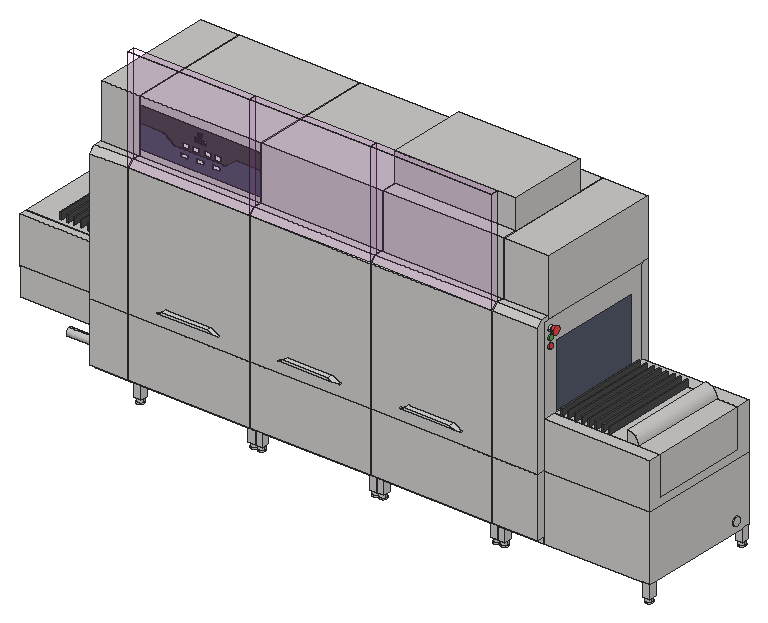
Revit family "QF_ELECTROLUXPROFESSIONAL_520702_EFTD052EL1U1D1M5R385", category Attrezzature speciali, Revit 2020
Family settings
  Quota connettore circolare = Usa diametro
  Tipo di parte = Normale
  Basato su piano di lavoro = No
  Sempre verticale = Sì
  Taglio con vuoti quando caricato = No
  Condiviso = No
  Punto di calcolo locali = No
Parameters (values of type "Standard")
  Weight = 865.00 kg
  Watts = 46500 W
  Volts = 380 V
  URL Manufacturer = "https://www.electroluxprofessional.com/"
  URL = "https://www.electroluxprofessional.com/"
  Steam Supply Size = 0 mm
  Steam Supply Minimum Pressure = 0.0 Pa
  Steam Supply Maximum Pressure = 0.0 Pa
  Steam Consumption per Hour = 0
  Show Logo [instance] = yes
  Show Clearance [instance] = yes
  Refrigeration Suction Line Size = 0 mm
  Refrigeration Liquid Line Size = 0 mm
  Refrigerant Compressor Remote = yes
  Prospetto di default = 0 mm
  Produttore = "Electrolux Professional"
  Phase = 3
  Modello = "EFTD052EL1U1D1M5R385"
  Length Actual = 4150 mm  # constant formula
  Item Number = "520702"
  Hot Water Size = 0 mm
  Height Actual = 1983 mm  # constant formula
  HP = "62.4 HP"
  Gas Size = 0 mm
  Gas KW = 0
  Gas Input Pressure = 0 W
  Direct Waste Size = 50.8 mm
  Descrizione = "FT, 1Tank, 5200D/H, El., 750mm loading, 1000mm unloading, 1Dryer, 55mm conveyor,R>L,380V50Hz3P"
  Depth Actual = 946 mm  # constant formula
  Cycle = 50 Hz
  Condensate Return Size = 0 mm
  Compressed Air Volume = 0.0 L/s
  Compressed Air Size = 0 mm
  Compressed Air Pressure = 0.0 Pa
  Cold Water Size = 0 mm
  Accessory = yes
Reference planes
  plane 1 "Centro (Fronte/Retro)": y = 0
  plane 2: z = 0
  plane 3 "Centro (Sinistra/Destra)": x = 0
  plane 4: z = 115
Forms (mm)
  Extrusion 1, solid, material "QF_Finishes_Stainless Steel"
    sketch origin (432.404, 2, 1806.023) x (1, 0, 0) y (0, 0, 1)
      loop
        line (407.596, -163.023) -> (407.596, -183.023) -> (427.596, -183.023) -> (427.596, -163.023) -> (407.596, -163.023)
    from 0 to 2
  Extrusion 2, solid, material "QF_Finishes_Stainless Steel"
    sketch origin (4155.617, -934.464, 1290.159) x (0, 0, -1) y (0, -1, 0)
      loop
        circle (1102.159, -772.464) r 25
    from -9.383 to 5.617
  Extrusion 3, solid, material "QF_Finishes_Stainless Steel"
    sketch origin (1092.404, 2, 337.984) x (1, 0, 0) y (0, 0, 1)
      loop
        line (407.596, -163.023) -> (407.596, -183.023) -> (427.596, -183.023) -> (427.596, -163.023) -> (407.596, -163.023)
    from 0 to 2
  Extrusion 4, solid, material "QF_Finishes_Stainless Steel"
    sketch origin (1526.841, 200.464, 109.383) x (1, 0, 0) y (0, 1, 0)
      loop
        circle (1102.159, -772.464) r 10
    from -9.383 to 5.617
  Extrusion 5, solid, material "QF_Finishes_Stainless Steel"
    sketch origin (244.383, 22.464, 1290.159) x (0, 0, -1) y (0, 1, 0)
      loop
        circle (1102.159, -772.464) r 25
    from -9.383 to 255.617
  Extrusion 6, solid, material "QF_Finishes_Stainless Steel"
    sketch origin (1597.841, 200.464, 109.383) x (1, 0, 0) y (0, 1, 0)
      loop
        circle (1102.159, -772.464) r 10
    from -9.383 to 5.617
Dimensions and locks
  plane 4 to level = 115 mm
  aligned and locked: level to plane 2
Nested families
  nested 1: "MODULO_CENTER_800_FAN" at (2733.563, -388.258, 0), Show Clearance <- "Show Clearance", type "MODULO_CENTER_800_FAN"
    with Show Logo yes, Show Clearance yes, R_L no, L_R yes
  nested 2: "MODULO_CENTER_800" at (1133.563, -388.258, 0), Show Clearance <- "Show Clearance", type "MODULO_CENTER_800"
    with Show Logo yes, Show Clearance yes, R_L no, L_R yes
  nested 3: "MODULO_ENTRY_DISH_750" at (358.563, -388.258, 0), type "MODULO_ENTRY_DISH_750"
    with Show Logo yes, Show Clearance yes, R_L no, L_R yes
  nested 4: "MODULO_USCITA_DISH_1000" at (3508.563, -388.258, 0), type "MODULO_USCITA_DISH_1000"
    with Show Logo yes, Show Clearance yes, R_L yes, L_R no
  nested 5: "Piedino_Square_115H" at (4126.5, -73.5, 0) x (-1, 0, 0) z (0, 0, 1), type "Piedino_Square_115H"
  nested 6: "Piedino_Square_115H" at (4126.5, -838.5, 0) x (-1, 0, 0) z (0, 0, 1), type "Piedino_Square_115H"
  nested 7: "Piedino_Square_115H" at (3173.5, -73.5, 0) x (-1, 0, 0) z (0, 0, 1), type "Piedino_Square_115H"
  nested 8: "Piedino_Square_115H" at (3173.5, -838.5, 0) x (-1, 0, 0) z (0, 0, 1), type "Piedino_Square_115H"
  nested 9: "Piedino_Square_115H" at (1573.5, -838.5, 0), type "Piedino_Square_115H"
  nested 10: "Piedino_Square_115H" at (1573.5, -73.5, 0), type "Piedino_Square_115H"
  nested 11: "Piedino_Square_115H" at (2326.5, -838.5, 0), type "Piedino_Square_115H"
  nested 12: "Piedino_Square_115H" at (2326.5, -73.5, 0), type "Piedino_Square_115H"
  nested 13: "Piedino_Square_115H" at (2373.5, -838.5, 0) x (-1, 0, 0) z (0, 0, 1), type "Piedino_Square_115H"
  nested 14: "Piedino_Square_115H" at (2373.5, -73.5, 0) x (-1, 0, 0) z (0, 0, 1), type "Piedino_Square_115H"
  nested 15: "Piedino_Square_115H" at (3126.5, -838.5, 0) x (-1, 0, 0) z (0, 0, 1), type "Piedino_Square_115H"
  nested 16: "Piedino_Square_115H" at (3126.5, -73.5, 0) x (-1, 0, 0) z (0, 0, 1), type "Piedino_Square_115H"
  nested 17: "Piedino_Square_115H" at (773.5, -838.5, 0), type "Piedino_Square_115H"
  nested 18: "Piedino_Square_115H" at (773.5, -73.5, 0), type "Piedino_Square_115H"
  nested 19: "Piedino_Square_115H" at (1526.5, -838.5, 0), type "Piedino_Square_115H"
  nested 20: "Piedino_Square_115H" at (1526.5, -73.5, 0), type "Piedino_Square_115H"
  nested 21: "MANIGLIA_FLIGHT_400" at (1150, -912, 639.28) x (1, 0, 0) z (0, -1, 0), type "MANIGLIA_FLIGHT_400"
  nested 22: "MANIGLIA_FLIGHT_400" at (2750, -912, 639.28) x (1, 0, 0) z (0, -1, 0), type "MANIGLIA_FLIGHT_400"
  nested 23: "MANIGLIA_FLIGHT_400" at (1950, -912, 639.28) x (1, 0, 0) z (0, -1, 0), type "MANIGLIA_FLIGHT_400"
  nested 24: "MODULO_CENTER_800" at (1966.437, -388.258, 0) x (-1, 0, 0) z (0, 0, 1), Show Clearance <- "Show Clearance", type "MODULO_CENTER_800"
    with Show Logo yes, Show Clearance yes, R_L no, L_R yes
  nested 25: "Schermo_Flight_800" at (1150, -815, 1583) x (1, 0, 0) z (0, -1, 0), type "Schermo_Flight_800"
  nested 26: "ELX_LOGO_WORDS_WHITE" at (1150, -816.6, 1663) x (1, 0, 0) z (0, -1, 0), Show Logo <- "Show Logo", visible <- "Show Logo", type "ELX_LOGO_WORDS_WHITE"
    with Show Logo yes
  nested 27: "ELX_LOGO_MONO_SMALL_WHITE" at (1140.08, -816.6, 1649) x (-1, 0, 0) z (0, -1, 0), Show Logo <- "Show Logo", visible <- "Show Logo", type "ELX_LOGO_MONO_SMALL_WHITE"
    with Show Logo yes
Connectors
  electrical at (850, 2, 1633)
    settings: on Extrusion 1, index 69, voltage 0 V, apparent load 0 VA, apparent load phase1 0 VA, apparent load phase2 0 VA, apparent load phase3 0 VA, power factor 1, load classification "Altro", number of poles 1, system type 30, power factor state 1, is connector primary yes, connector utility no, sub classification motor no, connector description "EI"
  piping at (4165, -162, 188), diameter 50
    settings: on Extrusion 2, index 70, connector inside diameter 609.6 mm, connector length 0 mm, flow factor 0, pipe flow 0.0 L/s, pressure drop 0.0 Pa, fitting loss kfactor 0, connector angle 0.00°, fixture units 0, engagement length 0 mm, angle of deflection 0.00°, flow configuration 0, flow direction 0, fitting loss method 0, system type 29, joint type 0, gender type 0, connector reference index -1, connector utility 0, adjustable connector no, is connector primary yes, connector description "D"
  electrical at (1510, 2, 164.961)
    settings: on Extrusion 3, index 71, voltage 0 V, apparent load 0 VA, apparent load phase1 0 VA, apparent load phase2 0 VA, apparent load phase3 0 VA, power factor 1, load classification "Altro", number of poles 1, system type 30, power factor state 1, is connector primary no, connector utility no, sub classification motor no, connector description "EQ"
  piping at (2629, -572, 100), diameter 19.1
    settings: on Extrusion 4, index 72, connector inside diameter 609.6 mm, connector length 0 mm, flow factor 0, pipe flow 0.0 L/s, pressure drop 0.0 Pa, fitting loss kfactor 0, connector angle 0.00°, fixture units 0, engagement length 0 mm, angle of deflection 0.00°, flow configuration 0, flow direction 0, fitting loss method 0, system type 29, joint type 0, gender type 0, connector reference index -1, connector utility 0, adjustable connector no, is connector primary no, connector description "HWI/CWI"
  piping at (235, -750, 188), diameter 50
    settings: on Extrusion 5, index 73, connector inside diameter 609.6 mm, connector length 0 mm, flow factor 0, pipe flow 0.0 L/s, pressure drop 0.0 Pa, fitting loss kfactor 0, connector angle 0.00°, fixture units 0, engagement length 0 mm, angle of deflection 0.00°, flow configuration 0, flow direction 0, fitting loss method 0, system type 29, joint type 0, gender type 0, connector reference index -1, connector utility 0, adjustable connector no, is connector primary no, connector description "D"
  piping at (2700, -572, 100), diameter 19.1
    settings: on Extrusion 6, index 74, connector inside diameter 609.6 mm, connector length 0 mm, flow factor 0, pipe flow 0.0 L/s, pressure drop 0.0 Pa, fitting loss kfactor 0, connector angle 0.00°, fixture units 0, engagement length 0 mm, angle of deflection 0.00°, flow configuration 0, flow direction 0, fitting loss method 0, system type 29, joint type 0, gender type 0, connector reference index -1, connector utility 0, adjustable connector no, is connector primary no, connector description "HWI/CWI"
Definition of nested family "MODULO_CENTER_800_FAN"
  Parameters (values of type "MODULO_CENTER_800_FAN")
    URL = "http://professional.electrolux.com"
    Show Logo [instance] = yes
    R_L [instance] = not(L_R)  # no
    Default Elevation = 0 mm
    Manufacturer = "Electrolux"
    Model = "ESR10E5"
    Length Actual = 800 mm
    Show Clearance [instance] = yes
    L_R [instance] = yes
    Height Actual = 1792 mm
    Description = "SINGLE RINSE RT, 100R/H, ELECTRIC 50HZ"
    Depth Actual = 912 mm
  Reference planes
    plane 1 "Center X": y = -67.742
    plane 2: z = 0
    plane 3 "LEFT": x = -383.563
    plane 4 "RIGHT": x = 416.437
    plane 5 "BACK": y = 388.258
    plane 6 "FEET": z = 115
    plane 7: z = 2092
    plane 8 "TOP": z = 1792
    plane 9 "FRONT": y = -523.742
    plane 10 "Left/Right": x = 16.437
    plane 11 "TopVent": z = 1983
  Forms (mm)
    Extrusion 1, solid
      sketch origin (416.437, 479.936, 4000) x (0, 1, 0) y (0, 0, 1)
        loop
          line (-91.678, -2208) -> (-906.678, -2208) -> (-906.678, -2580) -> (-91.678, -2580) -> (-91.678, -2208)
      from -800 to 0
    Extrusion 2, solid
      sketch origin (-383.563, 437.565, 3910) x (0, 1, 0) y (0, 0, 1)
        loop
          line (-99.307, -2490) -> (-911.307, -2490) -> (-911.307, -3552) -> (-99.307, -3552) -> (-99.307, -2490)
      from 800 to 0
    Extrusion 3, solid
      sketch origin (416.437, 479.936, 4299) x (0, 1, 0) y (0, 0, 1)
        loop
          line (-278.21, -2316) -> (-803.678, -2316) -> (-803.678, -2507) -> (-278.21, -2507) -> (-278.21, -2316)
      from -800 to 0
    Extrusion 4, solid
      sketch origin (16.437, 0, 1.5) x (0, 0, 1) y (0, -1, 0)
        loop
          line (356.5, -338.258) -> (356.5, 473.742) -> (113.5, 473.742) -> (113.5, -338.258) -> (356.5, -338.258)
      from 400 to -400
    Extrusion 5, solid
      sketch origin (16.437, 0, 0) x (0, 0, 1) y (0, -1, 0)
        loop
          line (1420, -338.258) -> (545, -338.258) -> (545, -388.258) -> (1420, -388.258) -> (1420, -338.258)
      from -400 to 400
    Extrusion 6, solid
      sketch origin (16.437, 0, 0) x (0, 0, 1) y (0, -1, 0)
        loop
          line (545, -388.258) -> (545, -338.258) -> (154, -338.258) -> (154, -388.258) -> (545, -388.258)
      from -400 to 400
    Extrusion 7, solid
      sketch origin (16.437, -882.484, -150) x (0, -1, 0) y (0, 0, 1)
        loop
          line (-358.742, 304) -> (-358.742, 695) -> (-408.742, 695) -> (-408.742, 304) -> (-358.742, 304)
      from -400 to 400
    Extrusion 8, solid
      sketch origin (16.437, -882.484, -151) x (0, -1, 0) y (0, 0, 1)
        loop
          line (-408.742, 1571) -> (-408.742, 696) -> (-358.742, 696) -> (-358.742, 1556) -> (-395.742, 1593) -> (-443.742, 1593) -> (-443.742, 1571) -> (-408.742, 1571)
      from -400 to 400
    Extrusion 9, solid, visible <- "Show Clearance"
      sketch origin (16.437, -882.484, 452) x (0, -1, 0) y (0, 0, 1)
        loop
          line (-408.742, 1640) -> (-408.742, 953.624) -> (-358.742, 953.624) -> (-358.742, 1640) -> (-408.742, 1640)
      from -400 to 400
  Dimensions and locks
    plane 3 "LEFT" to plane 4 "RIGHT" = 800 mm
    plane 5 "BACK" to plane 1 "Center X" to plane 9 "FRONT" = 456 mm, 456 mm
    plane 6 "FEET" to level = 115 mm  (x2)
    plane 6 "FEET" to plane 8 "TOP" = 1677 mm
    plane 5 "BACK" to plane 9 "FRONT" = 912 mm  (x2)
    plane 4 "RIGHT" to plane 3 "LEFT" = 800 mm
    plane 9 "FRONT" to plane 5 "BACK" = 912 mm
    level to plane 8 "TOP" = 1792 mm  (x2)
    plane 7 to level = 2092 mm
    plane 11 "TopVent" to plane 2 = 1983 mm
    plane 7 to plane 2 = 2092 mm
    Extrusion 2 to level = 1420 mm
    Extrusion 8 to level = 1442 mm
    plane 11 "TopVent" to level = 1983 mm
    aligned and locked: level to plane 2
Definition of nested family "MODULO_CENTER_800"
  Parameters (values of type "MODULO_CENTER_800")
    URL = "http://professional.electrolux.com"
    Show Logo [instance] = yes
    R_L [instance] = not(L_R)  # no
    Default Elevation = 0 mm
    Manufacturer = "Electrolux"
    Model = "ESR10E5"
    Length Actual = 800 mm
    Show Clearance [instance] = yes
    L_R [instance] = yes
    Height Actual = 1792 mm
    Description = "SINGLE RINSE RT, 100R/H, ELECTRIC 50HZ"
    Depth Actual = 912 mm
  Reference planes
    plane 1 "Center X": y = -67.742
    plane 2: z = 0
    plane 3 "LEFT": x = -383.563
    plane 4 "RIGHT": x = 416.437
    plane 5 "BACK": y = 388.258
    plane 6 "FEET": z = 115
    plane 7: z = 2092
    plane 8 "TOP": z = 1792
    plane 9 "FRONT": y = -523.742
    plane 10 "Left/Right": x = 16.437
  Forms (mm)
    Extrusion 1, solid
      sketch origin (416.437, 479.936, 4000) x (0, 1, 0) y (0, 0, 1)
        loop
          line (-91.678, -2208) -> (-906.678, -2208) -> (-906.678, -2580) -> (-91.678, -2580) -> (-91.678, -2208)
      from -800 to 0
    Extrusion 2, solid
      sketch origin (-383.563, 437.565, 3915) x (0, 1, 0) y (0, 0, 1)
        loop
          line (-99.307, -2495) -> (-911.307, -2495) -> (-911.307, -3557) -> (-99.307, -3557) -> (-99.307, -2495)
      from 800 to 0
    Extrusion 3, solid
      sketch origin (16.437, 0, 1.5) x (0, 0, 1) y (0, -1, 0)
        loop
          line (356.5, -338.258) -> (356.5, 473.742) -> (113.5, 473.742) -> (113.5, -338.258) -> (356.5, -338.258)
      from 400 to -400
    Extrusion 4, solid
      sketch origin (16.437, 0, 0) x (0, 0, 1) y (0, -1, 0)
        loop
          line (1420, -338.258) -> (545, -338.258) -> (545, -388.258) -> (1420, -388.258) -> (1420, -338.258)
      from -400 to 400
    Extrusion 5, solid
      sketch origin (16.437, 0, 0) x (0, 0, 1) y (0, -1, 0)
        loop
          line (545, -388.258) -> (545, -338.258) -> (154, -338.258) -> (154, -388.258) -> (545, -388.258)
      from -400 to 400
    Extrusion 6, solid
      sketch origin (16.437, -882.484, -150) x (0, -1, 0) y (0, 0, 1)
        loop
          line (-358.742, 304) -> (-358.742, 695) -> (-408.742, 695) -> (-408.742, 304) -> (-358.742, 304)
      from -400 to 400
    Extrusion 7, solid
      sketch origin (16.437, -882.484, -151) x (0, -1, 0) y (0, 0, 1)
        loop
          line (-408.742, 1571) -> (-408.742, 696) -> (-358.742, 696) -> (-358.742, 1556) -> (-395.742, 1593) -> (-443.742, 1593) -> (-443.742, 1571) -> (-408.742, 1571)
      from -400 to 400
    Extrusion 8, solid, visible <- "Show Clearance"
      sketch origin (16.437, -882.484, 452) x (0, -1, 0) y (0, 0, 1)
        loop
          line (-408.742, 1640) -> (-408.742, 953.624) -> (-358.742, 953.624) -> (-358.742, 1640) -> (-408.742, 1640)
      from -400 to 400
  Dimensions and locks
    plane 3 "LEFT" to plane 4 "RIGHT" = 800 mm
    plane 5 "BACK" to plane 1 "Center X" to plane 9 "FRONT" = 456 mm, 456 mm
    plane 6 "FEET" to level = 115 mm  (x2)
    plane 6 "FEET" to plane 8 "TOP" = 1677 mm
    plane 5 "BACK" to plane 9 "FRONT" = 912 mm  (x2)
    plane 4 "RIGHT" to plane 3 "LEFT" = 800 mm
    plane 9 "FRONT" to plane 5 "BACK" = 912 mm
    level to plane 8 "TOP" = 1792 mm  (x2)
    plane 7 to level = 2092 mm
    plane 7 to plane 2 = 2092 mm
    Extrusion 2 to level = 1420 mm
    Extrusion 7 to level = 1442 mm
    aligned and locked: level to plane 2
Definition of nested family "MODULO_ENTRY_DISH_750"
  Parameters (values of type "MODULO_ENTRY_DISH_750")
    URL = "http://professional.electrolux.com"
    Show Logo [instance] = yes
    R_L [instance] = not(L_R)  # no
    Default Elevation = 0 mm
    Manufacturer = "Electrolux"
    Model = "ESR10E5"
    Length Actual = 800 mm
    Show Clearance [instance] = yes
    L_R [instance] = yes
    Height Actual = 1792 mm
    Description = "SINGLE RINSE RT, 100R/H, ELECTRIC 50HZ"
    Depth Actual = 912 mm
  Reference planes
    plane 1 "Center (Front/Back)": y = -67.742
    plane 2: z = 0
    plane 3 "LEFT": x = -358.563
    plane 4 "RIGHT": x = 391.437
    plane 5 "BACK": y = 388.258
    plane 6 "FRONT": y = -523.742
    plane 7 "Left/Right": x = 16.437
    plane 8 "BUTTONS": y = -427.742
    plane 9: z = 115
    plane 10 "2": y = 292.258
  Forms (mm)
    Extrusion 1, solid, visible <- "L_R"
      sketch origin (391.437, 479.936, 4000) x (0, 1, 0) y (0, 0, 1)
        loop
          line (-91.678, -2208) -> (-906.678, -2208) -> (-906.678, -2580) -> (-91.678, -2580) -> (-91.678, -2208)
      from -250 to 0
    Extrusion 2, solid
      sketch origin (-358.563, 437.565, 3910) x (0, 1, 0) y (0, 0, 1)
        loop
          line (-99.307, -2490) -> (-911.307, -2490) -> (-911.307, -3552) -> (-99.307, -3552) -> (-99.307, -2490)
      from 750 to 500
    Extrusion 3, solid
      sketch origin (-358.563, 437.565, 3910) x (0, 1, 0) y (0, 0, 1)
        loop
          line (-99.307, -3365) -> (-99.307, -3060) -> (-149.307, -3060) -> (-149.307, -3315) -> (-861.307, -3315) -> (-861.307, -3060) -> (-911.307, -3060) -> (-911.307, -3365) -> (-99.307, -3365)
      from 500 to 0
    Extrusion 4, solid
      sketch origin (16.437, 0, -4.987) x (0, 0, 1) y (0, -1, 0)
        loop
          line (362.987, -338.258) -> (362.987, 473.742) -> (119.987, 473.742) -> (119.987, -338.258) -> (362.987, -338.258)
      from 375 to 125
    Extrusion 5, solid, visible <- "L_R"
      sketch origin (16.437, 0, 0) x (0, 0, 1) y (0, -1, 0)
        loop
          line (1420, -338.258) -> (545, -338.258) -> (545, -388.258) -> (1420, -388.258) -> (1420, -338.258)
      from 125 to 375
    Extrusion 6, solid
      sketch origin (16.437, 0, 0) x (0, 0, 1) y (0, -1, 0)
        loop
          line (545, -388.258) -> (545, -338.258) -> (154, -338.258) -> (154, -388.258) -> (545, -388.258)
      from 125 to 375
    Extrusion 7, solid
      sketch origin (-358.563, 437.565, 3607.258) x (0, 1, 0) y (0, 0, 1)
        loop
          line (-99.307, -3249.258) -> (-99.307, -3062.258) -> (-911.307, -3062.258) -> (-911.307, -3249.258) -> (-99.307, -3249.258)
      from 500 to 0
    Extrusion 8, solid
      sketch origin (-358.563, 437.565, 4000) x (0, 1, 0) y (0, 0, 1)
        loop
          line (-149.307, -3150) -> (-861.307, -3150) -> (-861.307, -3405) -> (-149.307, -3405) -> (-149.307, -3150)
      from 0 to 500
    Extrusion 9, solid
      sketch origin (266.437, -882.484, -150) x (0, -1, 0) y (0, 0, 1)
        loop
          line (-358.742, 304) -> (-358.742, 695) -> (-408.742, 695) -> (-408.742, 304) -> (-358.742, 304)
      from -125 to 125
    Extrusion 10, solid, visible <- "L_R"
      sketch origin (266.437, -882.484, -151) x (0, -1, 0) y (0, 0, 1)
        loop
          line (-408.742, 1571) -> (-408.742, 696) -> (-358.742, 696) -> (-358.742, 1556) -> (-395.742, 1593) -> (-443.742, 1593) -> (-443.742, 1571) -> (-408.742, 1571)
      from -125 to 125
    Extrusion 11, solid
      sketch origin (-358.563, 437.565, 4000) x (0, 1, 0) y (0, 0, 1)
        loop
          line (-199.307, -2725.701) -> (-811.307, -2725.701) -> (-811.307, -3137.701) -> (-199.307, -3137.701) -> (-199.307, -2725.701)
      from 495.458 to 500
    Extrusion 12, solid, visible <- "R_L"
      sketch origin (266.437, 747, -151) x (0, 1, 0) y (0, 0, -1)
        loop
          line (-408.742, -1571) -> (-443.742, -1571) -> (-443.742, -1593) -> (-395.742, -1593) -> (-358.742, -1556) -> (-358.742, -696) -> (-408.742, -696) -> (-408.742, -1571)
      from -125 to 125
    Extrusion 13, solid, visible <- "R_L"
      sketch origin (16.437, -135.484, 0) x (0, 0, 1) y (0, -1, 0)
        loop
          line (1420, 338.258) -> (1420, 388.258) -> (545, 388.258) -> (545, 338.258) -> (1420, 338.258)
      from 125 to 375
    Extrusion 14, solid, visible <- "R_L"
      sketch origin (391.437, -615.42, 4000) x (0, -1, 0) y (0, 0, -1)
        loop
          line (-91.678, 2208) -> (-91.678, 2580) -> (-906.678, 2580) -> (-906.678, 2208) -> (-91.678, 2208)
      from -250 to 0
    Extrusion 15, solid
      sketch origin (-191.477, -192.742, -3) x (-1, 0, 0) y (0, 0, 1)
        loop
          line (-26.676, 853) -> (-26.676, 898) -> (-36.676, 898) -> (-36.676, 853) -> (-26.676, 853)
      from -196 to 446
    Extrusion 16, solid
      sketch origin (-146.477, -192.742, -3) x (-1, 0, 0) y (0, 0, 1)
        loop
          line (-26.676, 853) -> (-26.676, 898) -> (-36.676, 898) -> (-36.676, 853) -> (-26.676, 853)
      from -196 to 446
    Extrusion 17, solid
      sketch origin (-101.477, -192.742, -3) x (-1, 0, 0) y (0, 0, 1)
        loop
          line (-26.676, 853) -> (-26.676, 898) -> (-36.676, 898) -> (-36.676, 853) -> (-26.676, 853)
      from -196 to 446
    Extrusion 18, solid
      sketch origin (-56.477, -192.742, -3) x (-1, 0, 0) y (0, 0, 1)
        loop
          line (-26.676, 853) -> (-26.676, 898) -> (-36.676, 898) -> (-36.676, 853) -> (-26.676, 853)
      from -196 to 446
    Extrusion 19, solid
      sketch origin (-11.477, -192.742, -3) x (-1, 0, 0) y (0, 0, 1)
        loop
          line (-26.676, 853) -> (-26.676, 898) -> (-36.676, 898) -> (-36.676, 853) -> (-26.676, 853)
      from -196 to 446
    Extrusion 20, solid
      sketch origin (33.523, -192.742, -3) x (-1, 0, 0) y (0, 0, 1)
        loop
          line (-26.676, 853) -> (-26.676, 898) -> (-36.676, 898) -> (-36.676, 853) -> (-26.676, 853)
      from -196 to 446
  Dimensions and locks
    plane 3 "LEFT" to plane 4 "RIGHT" = 750 mm
    plane 5 "BACK" to plane 1 "Center (Front/Back)" to plane 6 "FRONT" = 456 mm, 456 mm
    plane 5 "BACK" to plane 6 "FRONT" = 912 mm  (x2)
    plane 4 "RIGHT" to plane 3 "LEFT" = 750 mm  (x2)
    plane 6 "FRONT" to plane 5 "BACK" = 912 mm
    plane 9 to level = 115 mm
    Extrusion 1 to level = 1792 mm
    Extrusion 3 to level = 850 mm
    aligned and locked: level to plane 2
  Nested families
    nested 1: "BOTTONE_RED_STOP" at (141.437, -427.742, 1266.906) x (0, -1, 0) z (-1, 0, 0), visible <- "L_R", type "BOTTONE_RED_STOP"
    nested 2: "BOTTONE_EMERGENCY_STOP" at (141.437, -427.742, 1370) x (0, -1, 0) z (-1, 0, 0), visible <- "L_R", type "BOTTONE_EMERGENCY_STOP"
    nested 3: "BOTTONE_GREEN_START" at (141.437, -427.742, 1316.906) x (0, -1, 0) z (-1, 0, 0), visible <- "L_R", type "BOTTONE_GREEN_START"
    nested 4: "BOTTONE_RED_STOP" at (141.437, 292.258, 1267.906) x (0, 1, 0) z (-1, 0, 0), visible <- "R_L", type "BOTTONE_RED_STOP"
    nested 5: "BOTTONE_EMERGENCY_STOP" at (141.437, 292.258, 1371) x (0, 1, 0) z (-1, 0, 0), visible <- "R_L", type "BOTTONE_EMERGENCY_STOP"
    nested 6: "BOTTONE_GREEN_START" at (141.437, 292.258, 1317.906) x (0, 1, 0) z (-1, 0, 0), visible <- "R_L", type "BOTTONE_GREEN_START"
  Definition of nested family "BOTTONE_RED_STOP"
    Parameters (values of type "BOTTONE_RED_STOP")
      Default Elevation = 1219.2 mm
    Reference planes
      plane 1 "Centro (Fronte/Retro)": y = 0
      plane 2: z = 0
      plane 3 "Centro (Sinistra/Destra)": x = 0
    Forms (mm)
      Extrusion 1, solid
        sketch origin (0, 0, 0) x (1, 0, 0) y (0, 1, 0)
          loop
            line (-1219.2, 1219.2) -> (-1219.2, -1219.2) -> (1219.2, -1219.2) -> (1219.2, 1219.2) -> (-1219.2, 1219.2)
        from 0 to -304.8
      Extrusion 2, solid
        sketch origin (-367.513, 69.533, 15) x (-1, 0, 0) y (0, 1, 0)
          loop
            circle (-367.513, -69.533) r 15
        from 0 to 15
    Dimensions and locks
      aligned and locked: plane 2 to Extrusion 1
      aligned and locked: level to Extrusion 1
  Definition of nested family "BOTTONE_EMERGENCY_STOP"
    Parameters
      Default Elevation = 1219.2 mm
    Reference planes
      plane 1 "Centro (Fronte/Retro)": y = 0
      plane 2: z = 0
      plane 3 "Centro (Sinistra/Destra)": x = 0
    Forms (mm)
      Extrusion 1, solid
        sketch origin (0, 0, 0) x (1, 0, 0) y (0, 1, 0)
          loop
            line (-1219.2, 1219.2) -> (-1219.2, -1219.2) -> (1219.2, -1219.2) -> (1219.2, 1219.2) -> (-1219.2, 1219.2)
        from 0 to -304.8
      Extrusion 2, solid
        sketch origin (0, 0, 0) x (1, 0, 0) y (0, 1, 0)
          loop
            circle (0, 0) r 15
        from 0 to 20.273
      Blend 3, solid
        base sketch origin (-49.801, 0, 0) x (1, 0, 0) y (0, 1, 0)
          loop
            circle (49.801, 0) r 15
        top sketch origin (-49.801, 0, 0) x (1, 0, 0) y (0, 1, 0)
          loop
            circle (49.801, 0) r 25
        from 20.273 to 47.605
    Dimensions and locks
      aligned and locked: plane 2 to Extrusion 1
      aligned and locked: level to Extrusion 1
  Definition of nested family "BOTTONE_GREEN_START"
    Parameters (values of type "BOTTONE_GREEN_START")
      Default Elevation = 1219.2 mm
    Reference planes
      plane 1 "Centro (Fronte/Retro)": y = 0
      plane 2: z = 0
      plane 3 "Centro (Sinistra/Destra)": x = 0
    Forms (mm)
      Extrusion 1, solid
        sketch origin (0, 0, 0) x (1, 0, 0) y (0, 1, 0)
          loop
            line (-1219.2, 1219.2) -> (-1219.2, -1219.2) -> (1219.2, -1219.2) -> (1219.2, 1219.2) -> (-1219.2, 1219.2)
        from 0 to -304.8
      Extrusion 2, solid
        sketch origin (-367.513, 69.533, 15) x (-1, 0, 0) y (0, 1, 0)
          loop
            circle (-367.513, -69.533) r 15
        from 0 to 15
    Dimensions and locks
      aligned and locked: plane 2 to Extrusion 1
      aligned and locked: level to Extrusion 1
Definition of nested family "MODULO_USCITA_DISH_1000"
  Parameters (values of type "MODULO_USCITA_DISH_1000")
    URL = "http://professional.electrolux.com"
    Show Logo [instance] = yes
    R_L [instance] = not(L_R)  # yes
    Default Elevation = 0 mm
    Manufacturer = "Electrolux"
    Model = "ESR10E5"
    Length Actual = 800 mm
    Show Clearance [instance] = yes
    L_R [instance] = no
    Height Actual = 1792 mm
    Description = "SINGLE RINSE RT, 100R/H, ELECTRIC 50HZ"
    Depth Actual = 912 mm
  Reference planes
    plane 1 "Center (Front/Back)": y = -67.742
    plane 2: z = 0
    plane 3 "LEFT": x = -358.563
    plane 4 "BACK": y = 388.258
    plane 5 "FEET": z = 115
    plane 6 "TOP": z = 1792
    plane 7 "FRONT": y = -523.742
    plane 8 "Left/Right": x = 16.437
    plane 9: x = -358.563
    plane 10: y = -427.742
    plane 11 "RIGHT": x = 641.437
  Forms (mm)
    Extrusion 1, solid, visible <- "R_L"
      sketch origin (-358.563, 479.936, 4003) x (0, 1, 0) y (0, 0, -1)
        loop
          line (-91.678, 2211) -> (-91.678, 2583) -> (-906.678, 2583) -> (-906.678, 2211) -> (-91.678, 2211)
      from -300 to 0
    Extrusion 2, solid
      sketch origin (-358.563, 437.565, 4003) x (0, 1, 0) y (0, 0, 1)
        loop
          line (-99.307, -3458) -> (-911.307, -3458) -> (-911.307, -3888) -> (-99.307, -3888) -> (-99.307, -3458)
      from 300 to 0
    Extrusion 3, solid
      sketch origin (-358.563, 479.936, 4003) x (0, 1, 0) y (0, 0, -1)
        loop
          line (-141.678, 2583) -> (-141.678, 3458) -> (-953.678, 3458) -> (-953.678, 2583) -> (-141.678, 2583)
      from -300 to 0
    Extrusion 4, solid
      sketch origin (391.437, 437.565, 3913) x (0, 1, 0) y (0, 0, -1)
        loop
          line (-99.307, 3368) -> (-911.307, 3368) -> (-911.307, 3063) -> (-826.307, 3063) -> (-826.307, 3318) -> (-184.307, 3318) -> (-184.307, 3063) -> (-99.307, 3063) -> (-99.307, 3368)
      from 450 to -250
    Extrusion 5, solid, visible <- "R_L"
      sketch origin (16.437, 0, 3) x (0, 0, 1) y (0, 1, 0)
        loop
          line (1417, 338.258) -> (1417, 388.258) -> (542, 388.258) -> (542, 338.258) -> (1417, 338.258)
      from 75 to 375
    Extrusion 6, solid
      sketch origin (16.437, 0, 3) x (0, 0, 1) y (0, 1, 0)
        loop
          line (542, 388.258) -> (151, 388.258) -> (151, 338.258) -> (542, 338.258) -> (542, 388.258)
      from 75 to 375
    Extrusion 7, solid
      sketch origin (391.437, 437.565, 3610.258) x (0, 1, 0) y (0, 0, -1)
        loop
          line (-99.307, 3495.258) -> (-911.307, 3495.258) -> (-911.307, 3065.258) -> (-99.307, 3065.258) -> (-99.307, 3495.258)
      from 450 to -250
    Extrusion 8, solid
      sketch origin (641.437, 0, 3) x (0, 1, 0) y (0, 0, 1)
        loop
          line (253.258, 847) -> (-388.742, 847) -> (-388.742, 592) -> (253.258, 592) -> (253.258, 847)
      from 0 to -700
    Extrusion 9, solid
      sketch origin (-358.563, 437.565, 3928) x (0, 1, 0) y (0, 0, 1)
        loop
          line (-811.307, -3065.701) -> (-199.307, -3065.701) -> (-199.307, -2653.701) -> (-811.307, -2653.701) -> (-811.307, -3065.701)
      from 300 to 304.77
    Extrusion 10, solid
      sketch origin (-208.563, -115, -147) x (0, 1, 0) y (0, 0, 1)
        loop
          line (-358.742, 301) -> (-358.742, 692) -> (-408.742, 692) -> (-408.742, 301) -> (-358.742, 301)
      from -150 to 150
    Extrusion 11, solid, visible <- "R_L"
      sketch origin (-208.563, -882.484, -151) x (0, -1, 0) y (0, 0, 1)
        loop
          line (-408.742, 1571) -> (-408.742, 696) -> (-358.742, 696) -> (-358.742, 1556) -> (-395.742, 1593) -> (-443.742, 1593) -> (-443.742, 1571) -> (-408.742, 1571)
      from -150 to 150
    Extrusion 12, solid
      sketch origin (-39.574, -192.742, -3) x (-1, 0, 0) y (0, 0, 1)
        loop
          line (-26.676, 853) -> (-26.676, 898) -> (-36.676, 898) -> (-36.676, 853) -> (-26.676, 853)
      from -196 to 446
    Extrusion 13, solid
      sketch origin (5.426, -192.742, -3) x (-1, 0, 0) y (0, 0, 1)
        loop
          line (-26.676, 853) -> (-26.676, 898) -> (-36.676, 898) -> (-36.676, 853) -> (-26.676, 853)
      from -196 to 446
    Extrusion 14, solid
      sketch origin (50.426, -192.742, -3) x (-1, 0, 0) y (0, 0, 1)
        loop
          line (-26.676, 853) -> (-26.676, 898) -> (-36.676, 898) -> (-36.676, 853) -> (-26.676, 853)
      from -196 to 446
    Extrusion 15, solid
      sketch origin (95.426, -192.742, -3) x (-1, 0, 0) y (0, 0, 1)
        loop
          line (-26.676, 853) -> (-26.676, 898) -> (-36.676, 898) -> (-36.676, 853) -> (-26.676, 853)
      from -196 to 446
    Extrusion 16, solid
      sketch origin (140.426, -192.742, -3) x (-1, 0, 0) y (0, 0, 1)
        loop
          line (-26.676, 853) -> (-26.676, 898) -> (-36.676, 898) -> (-36.676, 853) -> (-26.676, 853)
      from -196 to 446
    Extrusion 17, solid
      sketch origin (185.426, -192.742, -3) x (-1, 0, 0) y (0, 0, 1)
        loop
          line (-26.676, 853) -> (-26.676, 898) -> (-36.676, 898) -> (-36.676, 853) -> (-26.676, 853)
      from -196 to 446
    Extrusion 18, solid
      sketch origin (230.426, -192.742, -3) x (-1, 0, 0) y (0, 0, 1)
        loop
          line (-26.676, 853) -> (-26.676, 898) -> (-36.676, 898) -> (-36.676, 853) -> (-26.676, 853)
      from -196 to 446
    Extrusion 19, solid
      sketch origin (275.426, -192.742, -3) x (-1, 0, 0) y (0, 0, 1)
        loop
          line (-26.676, 853) -> (-26.676, 898) -> (-36.676, 898) -> (-36.676, 853) -> (-26.676, 853)
      from -196 to 446
    Revolve 20, solid
      sketch origin (0, 0, 850) x (1, 0, 0) y (0, 1, 0)
        loop
          line (430.204, 253.258) -> (430.204, -388.742) -> (502.335, -388.742) -> (502.335, 253.258) -> (430.204, 253.258)
        axis (430.204, 253.258) -> (430.204, -388.742)
      angle from 0 to -90
    Extrusion 21, solid, visible <- "L_R"
      sketch origin (-208.563, 747, -151) x (0, 1, 0) y (0, 0, -1)
        loop
          line (-408.742, -1571) -> (-443.742, -1571) -> (-443.742, -1593) -> (-395.742, -1593) -> (-358.742, -1556) -> (-358.742, -696) -> (-408.742, -696) -> (-408.742, -1571)
      from -150 to 150
    Extrusion 22, solid, visible <- "L_R"
      sketch origin (16.437, -135.484, 3) x (0, 0, 1) y (0, 1, 0)
        loop
          line (1417, -338.258) -> (542, -338.258) -> (542, -388.258) -> (1417, -388.258) -> (1417, -338.258)
      from 75 to 375
    Extrusion 23, solid, visible <- "L_R"
      sketch origin (-358.563, -615.42, 4003) x (0, -1, 0) y (0, 0, 1)
        loop
          line (-91.678, -2211) -> (-906.678, -2211) -> (-906.678, -2583) -> (-91.678, -2583) -> (-91.678, -2211)
      from -300 to 0
  Dimensions and locks
    plane 4 "BACK" to plane 1 "Center (Front/Back)" to plane 7 "FRONT" = 456 mm, 456 mm
    plane 5 "FEET" to level = 115 mm  (x2)
    plane 4 "BACK" to plane 7 "FRONT" = 912 mm  (x2)
    plane 7 "FRONT" to plane 4 "BACK" = 912 mm
    level to plane 6 "TOP" = 1792 mm
    plane 3 "LEFT" to plane 8 "Left/Right" = 375 mm
    plane 8 "Left/Right" to plane 11 "RIGHT" = 625 mm
    plane 3 "LEFT" to plane 11 "RIGHT" = 1000 mm
    plane 9 to plane 11 "RIGHT" = 1000 mm
    plane 6 "TOP" to level = 1792 mm
    aligned and locked: level to plane 2
  Nested families
    nested 1: "BOTTONE_EMERGENCY_STOP" at (-58.563, -427.742, 1369) x (0, -1, 0) z (1, 0, 0), visible <- "R_L", type "BOTTONE_EMERGENCY_STOP"
    nested 2: "BOTTONE_GREEN_START" at (-58.563, -427.742, 1315.906) x (0, -1, 0) z (1, 0, 0), visible <- "R_L", type "BOTTONE_GREEN_START"
    nested 3: "BOTTONE_RED_STOP" at (-58.563, -427.742, 1265.906) x (0, -1, 0) z (1, 0, 0), visible <- "R_L", type "BOTTONE_RED_STOP"
    nested 4: "BOTTONE_EMERGENCY_STOP" at (-58.563, 292.258, 1369) x (0, 1, 0) z (1, 0, 0), visible <- "L_R", type "BOTTONE_EMERGENCY_STOP"
    nested 5: "BOTTONE_GREEN_START" at (-58.563, 292.258, 1315.906) x (0, 1, 0) z (1, 0, 0), visible <- "L_R", type "BOTTONE_GREEN_START"
    nested 6: "BOTTONE_RED_STOP" at (-58.563, 292.258, 1265.906) x (0, 1, 0) z (1, 0, 0), visible <- "L_R", type "BOTTONE_RED_STOP"
  Definition of nested family "BOTTONE_EMERGENCY_STOP"
    Parameters
      Default Elevation = 1219.2 mm
    Reference planes
      plane 1 "Centro (Fronte/Retro)": y = 0
      plane 2: z = 0
      plane 3 "Centro (Sinistra/Destra)": x = 0
    Forms (mm)
      Extrusion 1, solid
        sketch origin (0, 0, 0) x (1, 0, 0) y (0, 1, 0)
          loop
            line (-1219.2, 1219.2) -> (-1219.2, -1219.2) -> (1219.2, -1219.2) -> (1219.2, 1219.2) -> (-1219.2, 1219.2)
        from 0 to -304.8
      Extrusion 2, solid
        sketch origin (0, 0, 0) x (1, 0, 0) y (0, 1, 0)
          loop
            circle (0, 0) r 15
        from 0 to 20.273
      Blend 3, solid
        base sketch origin (-49.801, 0, 0) x (1, 0, 0) y (0, 1, 0)
          loop
            circle (49.801, 0) r 15
        top sketch origin (-49.801, 0, 0) x (1, 0, 0) y (0, 1, 0)
          loop
            circle (49.801, 0) r 25
        from 20.273 to 47.605
    Dimensions and locks
      aligned and locked: plane 2 to Extrusion 1
      aligned and locked: level to Extrusion 1
  Definition of nested family "BOTTONE_GREEN_START"
    Parameters (values of type "BOTTONE_GREEN_START")
      Default Elevation = 1219.2 mm
    Reference planes
      plane 1 "Centro (Fronte/Retro)": y = 0
      plane 2: z = 0
      plane 3 "Centro (Sinistra/Destra)": x = 0
    Forms (mm)
      Extrusion 1, solid
        sketch origin (0, 0, 0) x (1, 0, 0) y (0, 1, 0)
          loop
            line (-1219.2, 1219.2) -> (-1219.2, -1219.2) -> (1219.2, -1219.2) -> (1219.2, 1219.2) -> (-1219.2, 1219.2)
        from 0 to -304.8
      Extrusion 2, solid
        sketch origin (-367.513, 69.533, 15) x (-1, 0, 0) y (0, 1, 0)
          loop
            circle (-367.513, -69.533) r 15
        from 0 to 15
    Dimensions and locks
      aligned and locked: plane 2 to Extrusion 1
      aligned and locked: level to Extrusion 1
  Definition of nested family "BOTTONE_RED_STOP"
    Parameters (values of type "BOTTONE_RED_STOP")
      Default Elevation = 1219.2 mm
    Reference planes
      plane 1 "Centro (Fronte/Retro)": y = 0
      plane 2: z = 0
      plane 3 "Centro (Sinistra/Destra)": x = 0
    Forms (mm)
      Extrusion 1, solid
        sketch origin (0, 0, 0) x (1, 0, 0) y (0, 1, 0)
          loop
            line (-1219.2, 1219.2) -> (-1219.2, -1219.2) -> (1219.2, -1219.2) -> (1219.2, 1219.2) -> (-1219.2, 1219.2)
        from 0 to -304.8
      Extrusion 2, solid
        sketch origin (-367.513, 69.533, 15) x (-1, 0, 0) y (0, 1, 0)
          loop
            circle (-367.513, -69.533) r 15
        from 0 to 15
    Dimensions and locks
      aligned and locked: plane 2 to Extrusion 1
      aligned and locked: level to Extrusion 1
Definition of nested family "Piedino_Square_115H"
  Parameters (values of type "Piedino_Square_115H")
    Default Elevation = 0 mm
  Reference planes
    plane 1 "Centro (Fronte/Retro)": y = 0
    plane 2: z = 0
    plane 3 "Centro (Sinistra/Destra)": x = 0
    plane 4: z = 115
  Forms (mm)
    Extrusion 1, solid
      sketch origin (0, 0, 0) x (1, 0, 0) y (0, 1, 0)
        loop
          circle (0, 0) r 23
      from 0 to 5
    Extrusion 2, solid
      sketch origin (0, 0, 5) x (1, 0, 0) y (0, 1, 0)
        loop
          circle (0, 0) r 20
      from 0 to 25.777
    Extrusion 3, solid
      sketch origin (0, 0, 30.777) x (1, 0, 0) y (0, 1, 0)
        loop
          line (-23.5, 23.5) -> (-23.5, -23.5) -> (23.5, -23.5) -> (23.5, 23.5) -> (-23.5, 23.5)
      from 0 to 84.223
  Dimensions and locks
    plane 4 to level = 115 mm  (x2)
    radius of Extrusion 1 sketch curve = 23 mm
    aligned and locked: level to plane 2
    aligned and locked: Extrusion 1 to level
Definition of nested family "MANIGLIA_FLIGHT_400"
  Parameters
    Default Elevation = 1219.2 mm
  Reference planes
    plane 1 "Centro (Fronte/Retro)": y = 0
    plane 2: z = 0
    plane 3 "Centro (Sinistra/Destra)": x = 0
  Forms (mm)
    Extrusion 1, solid
      sketch origin (0, 0, 0) x (1, 0, 0) y (0, 1, 0)
        loop
          line (-1219.2, 1219.2) -> (-1219.2, -1219.2) -> (1219.2, -1219.2) -> (1219.2, 1219.2) -> (-1219.2, 1219.2)
      from 0 to -304.8
    Extrusion 2, solid
      sketch origin (-503, 656.113, -50) x (-1, 0, 0) y (0, 1, 0)
        loop
          line (-651.038, -638.613) -> (-703, -668.613) -> (-703, -673.613) -> (-658.503, -673.613) -> (-623.862, -653.613) -> (-382.138, -653.613) -> (-347.497, -673.613) -> (-303, -673.613) -> (-303, -668.613) -> (-354.962, -638.613) -> (-651.038, -638.613)
      from -86.258 to -50
    Extrusion 3, void
      sketch origin (0, -681.887, 358.742) x (0, 0, 1) y (0, 1, 0)
        loop
          line (-322.484, 684.387) -> (-353.281, 664.387) -> (-322.484, 664.387) -> (-322.484, 684.387)
      from -200 to 200
  Cuts and joins
    Extrusion 3 cuts Extrusion 2
  Dimensions and locks
    cut or joined group of Extrusion 2, Extrusion 3 to cut or joined group of Extrusion 2, Extrusion 3 = 400 mm
    cut or joined group of Extrusion 2, Extrusion 3 to cut or joined group of Extrusion 2, Extrusion 3 = 35 mm
    aligned and locked: plane 2 to Extrusion 1
    aligned and locked: level to Extrusion 1
Definition of nested family "Schermo_Flight_800"
  Parameters (values of type "Schermo_Flight_800")
    Default Elevation = 1219.2 mm
  Reference planes
    plane 1 "Center (Front/Back)": y = 0
    plane 2: z = 0
    plane 3 "Center (Left/Right)": x = 0
  Forms (mm)
    Extrusion 1, solid
      sketch origin (0, 0, 0) x (1, 0, 0) y (0, 1, 0)
        loop
          line (-1219.2, 1219.2) -> (-1219.2, -1219.2) -> (1219.2, -1219.2) -> (1219.2, 1219.2) -> (-1219.2, 1219.2)
      from 0 to -304.8
    Extrusion 2, solid
      sketch origin (0, -25, 0) x (1, 0, 0) y (0, 1, 0)
        loop
          line (-400, -82.94) -> (400, -82.94) -> (400, 70.507) -> (238.561, 70.507) -> (167.154, 20.507) -> (-167.154, 20.507) -> (-238.561, 70.507) -> (-400, 70.507) -> (-400, -82.94)
        loop
          line (-126.915, -7.668) -> (-126.915, -27.668) -> (-81.915, -27.668) -> (-81.915, -7.668) -> (-126.915, -7.668)
        loop
          line (-22.5, -7.668) -> (-22.5, -27.668) -> (22.5, -27.668) -> (22.5, -7.668) -> (-22.5, -7.668)
        loop
          line (126.915, -7.668) -> (81.915, -7.668) -> (81.915, -27.668) -> (126.915, -27.668) -> (126.915, -7.668)
      from 0 to 1.6
    Extrusion 3, solid
      sketch origin (0, -25, 0) x (1, 0, 0) y (0, 1, 0)
        loop
          line (-400, 177.06) -> (-400, 70.507) -> (-238.561, 70.507) -> (-167.154, 20.507) -> (167.154, 20.507) -> (238.561, 70.507) -> (400, 70.507) -> (400, 177.06) -> (-400, 177.06)
        loop
          line (-117.417, 56.68) -> (-117.417, 31.68) -> (-77.417, 31.68) -> (-77.417, 56.68) -> (-117.417, 56.68)
        loop
          line (-47.417, 56.68) -> (-47.417, 31.68) -> (-7.417, 31.68) -> (-7.417, 56.68) -> (-47.417, 56.68)
        loop
          line (27.583, 56.68) -> (27.583, 31.68) -> (67.583, 31.68) -> (67.583, 56.68) -> (27.583, 56.68)
        loop
          line (97.583, 56.68) -> (97.583, 31.68) -> (137.583, 31.68) -> (137.583, 56.68) -> (97.583, 56.68)
      from 0 to 1.6
    Extrusion 4, solid
      sketch origin (0, 0, 0) x (1, 0, 0) y (0, 1, 0)
        loop
          line (-117.417, 31.68) -> (-117.417, 6.68) -> (-77.417, 6.68) -> (-77.417, 31.68) -> (-117.417, 31.68)
        loop
          line (-47.417, 31.68) -> (-47.417, 6.68) -> (-7.417, 6.68) -> (-7.417, 31.68) -> (-47.417, 31.68)
        loop
          line (27.583, 31.68) -> (27.583, 6.68) -> (67.583, 6.68) -> (67.583, 31.68) -> (27.583, 31.68)
        loop
          line (97.583, 31.68) -> (97.583, 6.68) -> (137.583, 6.68) -> (137.583, 31.68) -> (97.583, 31.68)
        loop
          line (-126.915, -32.668) -> (-126.915, -52.668) -> (-81.915, -52.668) -> (-81.915, -32.668) -> (-126.915, -32.668)
        loop
          line (-22.5, -32.668) -> (-22.5, -52.668) -> (22.5, -52.668) -> (22.5, -32.668) -> (-22.5, -32.668)
        loop
          line (81.915, -32.668) -> (81.915, -52.668) -> (126.915, -52.668) -> (126.915, -32.668) -> (81.915, -32.668)
      from 0 to 1.6
  Dimensions and locks
    Extrusion 3 to Extrusion 3 = 800 mm
    Extrusion 2 to Extrusion 3 = 260 mm
    aligned and locked: plane 2 to Extrusion 1
    aligned and locked: level to Extrusion 1
Definition of nested family "ELX_LOGO_WORDS_WHITE"
  Parameters (values of type "ELX_LOGO_WORDS_WHITE")
    Show Logo [instance] = yes
    Default Elevation = 0 mm
  Reference planes
    plane 1 "Centro (Fronte/Retro)": y = 0
    plane 2: z = 0
    plane 3 "Centro (Sinistra/Destra)": x = 0
  Forms (mm)
    Extrusion 1, solid
      sketch origin (0, 0, 0) x (1, 0, 0) y (0, 1, 0)
        loop
          line (-1219.2, 1219.2) -> (-1219.2, -1219.2) -> (1219.2, -1219.2) -> (1219.2, 1219.2) -> (-1219.2, 1219.2)
      from 0 to -304.8
    Extrusion 2, solid, visible <- "Show Logo"
      sketch origin (0, 0, 0) x (1, 0, 0) y (0, 1, 0)
        loop
          line (-30.234, 10.561) -> (-37.67, 10.561) -> (-37.67, 1.902)
          arc (-37.67, 1.902) -> (-36.691, -0.461) -> (-34.329, -1.439) r 3.341
          line (-34.329, -1.439) -> (-30.09, -1.439) -> (-30.09, 0.503) -> (-33.845, 0.503)
          arc (-33.845, 0.503) -> (-35.079, 0.92) -> (-35.604, 2.112) r 1.615
          line (-35.604, 2.112) -> (-35.604, 3.829) -> (-30.555, 3.829) -> (-30.555, 5.779) -> (-35.604, 5.779) -> (-35.604, 8.617) -> (-30.234, 8.617) -> (-30.234, 10.561)
        loop
          line (-28.622, 10.561) -> (-28.622, -1.439) -> (-26.555, -1.439) -> (-26.555, 10.561) -> (-28.622, 10.561)
        loop
          line (16.27, 10.561) -> (16.27, -1.439) -> (18.338, -1.439) -> (18.338, 10.561) -> (16.27, 10.561)
        loop
          line (-23.137, 2.393) -> (-16.354, 2.393)
          arc (-16.354, 2.393) -> (-17.415, 6.119) -> (-21.043, 7.478) r 4.298
          arc (-21.043, 7.478) -> (-24.239, 5.857) -> (-25.151, 2.393) r 4.373
          arc (-25.151, 2.393) -> (-23.951, -0.505) -> (-21.053, -1.705) r 4.097
          arc (-21.053, -1.705) -> (-18.799, -1.372) -> (-16.908, -0.099) r 5.15
          line (-16.908, -0.099) -> (-18.133, 1.125)
          arc (-18.133, 1.125) -> (-19.74, 0.161) -> (-21.607, 0.323) r 3.039
          arc (-21.607, 0.323) -> (-22.746, 1.081) -> (-23.137, 2.393) r 2.013
        loop
          line (-23.085, 3.846) -> (-18.431, 3.846)
          arc (-18.431, 3.846) -> (-19.084, 5.22) -> (-20.519, 5.727) r 1.983
          arc (-20.519, 5.727) -> (-22.175, 5.295) -> (-23.085, 3.846) r 2.321
        loop
          line (-8.297, 4.711) -> (-6.999, 6.009)
          arc (-6.999, 6.009) -> (-8.627, 7.187) -> (-10.604, 7.539) r 4.497
          arc (-10.604, 7.539) -> (-13.621, 6.437) -> (-15.204, 3.642) r 4.652
          arc (-15.204, 3.642) -> (-12.536, -1.257) -> (-7.072, -0.127) r 4.684
          line (-7.072, -0.127) -> (-8.363, 1.163)
          arc (-8.363, 1.163) -> (-11.149, 0.242) -> (-13.145, 2.393) r 2.714
          arc (-13.145, 2.393) -> (-13.006, 4.094) -> (-11.835, 5.335) r 2.578
          arc (-11.835, 5.335) -> (-9.96, 5.621) -> (-8.297, 4.711) r 2.961
        loop
          line (-5.73, 10.561) -> (-5.73, 2.36)
          arc (-5.73, 2.36) -> (-5.551, 1.13) -> (-5.09, -0.025) r 5.301
          arc (-5.09, -0.025) -> (-3.615, -1.198) -> (-1.746, -1.445) r 3.531
          line (-1.746, -1.445) -> (-1.746, 0.492)
          arc (-1.746, 0.492) -> (-2.302, 0.534) -> (-2.82, 0.74) r 1.862
          arc (-2.82, 0.74) -> (-3.484, 1.442) -> (-3.662, 2.393) r 1.713
          line (-3.662, 2.393) -> (-3.662, 5.362) -> (-1.785, 5.362) -> (-1.785, 7.24) -> (-3.662, 7.24) -> (-3.662, 10.561) -> (-5.73, 10.561)
        loop
          arc (2.004, 3.123) -> (2.152, 3.988) -> (2.578, 4.755) r 2.607
          arc (2.578, 4.755) -> (3.817, 5.391) -> (5.208, 5.362) r 2.84
          line (5.208, 5.362) -> (5.208, 7.349)
          arc (5.208, 7.349) -> (3.39, 7.177) -> (2.004, 5.989) r 3.016
          line (2.004, 5.989) -> (2.004, 7.24) -> (-0.046, 7.24) -> (-0.046, -1.439) -> (2.004, -1.439) -> (2.004, 3.123)
        loop
          circle (10.262, 2.899) r 4.599
        loop
          circle (10.262, 2.899) r 2.787
        loop
          arc (25.793, 2.175) -> (25.283, 0.772) -> (23.898, 0.213) r 1.835
          arc (23.898, 0.213) -> (22.514, 0.772) -> (22.004, 2.175) r 1.835
          line (22.004, 2.175) -> (22.004, 7.24) -> (19.919, 7.24) -> (19.919, 2.003)
          arc (19.919, 2.003) -> (21.105, -0.701) -> (23.898, -1.659) r 3.675
          arc (23.898, -1.659) -> (26.723, -0.672) -> (27.877, 2.088) r 3.675
          line (27.877, 2.088) -> (27.877, 7.24) -> (25.793, 7.24) -> (25.793, 2.175)
        loop
          line (29.126, 7.24) -> (32.128, 3.164) -> (28.83, -1.442) -> (31.052, -1.442) -> (33.241, 1.615) -> (35.462, -1.442) -> (37.67, -1.442) -> (34.419, 3.211) -> (37.392, 7.24) -> (35.135, 7.24) -> (33.234, 4.663) -> (31.362, 7.24) -> (29.126, 7.24)
        loop
          line (-35.875, -6.414) -> (-37.523, -6.414) -> (-37.523, -10.564) -> (-36.621, -10.564) -> (-36.621, -9.135) -> (-35.625, -9.135)
          arc (-35.625, -9.135) -> (-34.509, -7.66) -> (-35.875, -6.414) r 1.372
        loop
          arc (-35.664, -8.32) -> (-35.322, -7.786) -> (-35.664, -7.253) r 0.587
          line (-35.664, -7.253) -> (-36.621, -7.253) -> (-36.621, -8.32) -> (-35.664, -8.32)
        loop
          line (-29.363, -6.414) -> (-31.04, -6.414) -> (-31.04, -10.564) -> (-30.138, -10.564) -> (-30.138, -9.135) -> (-29.265, -9.135) -> (-28.669, -10.564) -> (-27.7, -10.564) -> (-28.516, -8.814)
          arc (-28.516, -8.814) -> (-28.125, -8.347) -> (-27.994, -7.752) r 1.281
          arc (-27.994, -7.752) -> (-28.406, -6.804) -> (-29.363, -6.414) r 1.37
        loop
          line (-30.138, -7.253) -> (-30.138, -8.32) -> (-29.18, -8.32)
          arc (-29.18, -8.32) -> (-28.839, -7.786) -> (-29.18, -7.253) r 0.587
          line (-29.18, -7.253) -> (-30.138, -7.253)
        loop
          circle (-22.402, -8.489) r 2.156
        loop
          circle (-22.402, -8.489) r 1.368
        loop
          line (-16.703, -6.414) -> (-16.703, -10.564) -> (-15.823, -10.564) -> (-15.823, -9.114) -> (-14.261, -9.114) -> (-14.261, -8.184) -> (-15.823, -8.184) -> (-15.823, -7.308) -> (-14.111, -7.308) -> (-14.111, -6.414) -> (-16.703, -6.414)
        loop
          line (-10.611, -6.414) -> (-10.611, -9.216)
          arc (-10.611, -9.216) -> (-10.229, -10.166) -> (-9.284, -10.561) r 1.327
          line (-9.284, -10.561) -> (-7.945, -10.561) -> (-7.945, -9.777) -> (-9.204, -9.777)
          arc (-9.204, -9.777) -> (-9.668, -9.394) -> (-9.759, -8.799) r 0.845
          line (-9.759, -8.799) -> (-8.1, -8.799) -> (-8.1, -8.015) -> (-9.759, -8.015) -> (-9.759, -7.198) -> (-7.985, -7.198) -> (-7.985, -6.414) -> (-10.611, -6.414)
        loop
          arc (4.417, -6.94) -> (3.867, -6.489) -> (3.171, -6.345) r 1.485
          arc (3.171, -6.345) -> (2.528, -6.503) -> (2, -6.902) r 1.645
          arc (2, -6.902) -> (1.902, -7.844) -> (2.51, -8.571) r 1.217
          arc (2.51, -8.571) -> (3.021, -8.741) -> (3.506, -8.976) r 4.201
          arc (3.506, -8.976) -> (3.812, -9.337) -> (3.601, -9.761) r 0.43
          arc (3.601, -9.761) -> (3.209, -9.853) -> (2.819, -9.754) r 0.846
          arc (2.819, -9.754) -> (2.482, -9.511) -> (2.275, -9.15) r 0.983
          line (2.275, -9.15) -> (1.549, -9.489)
          arc (1.549, -9.489) -> (1.811, -9.993) -> (2.232, -10.374) r 1.595
          arc (2.232, -10.374) -> (2.71, -10.578) -> (3.227, -10.63) r 1.719
          arc (3.227, -10.63) -> (3.867, -10.503) -> (4.442, -10.197) r 2.246
          arc (4.442, -10.197) -> (4.697, -9.52) -> (4.566, -8.81) r 1.349
          arc (4.566, -8.81) -> (4.282, -8.482) -> (3.919, -8.245) r 1.564
          arc (3.919, -8.245) -> (3.46, -8.04) -> (2.99, -7.864) r 8.236
          arc (2.99, -7.864) -> (2.718, -7.441) -> (3.111, -7.128) r 0.375
          arc (3.111, -7.128) -> (3.581, -7.241) -> (3.943, -7.563) r 0.998
          line (3.943, -7.563) -> (4.417, -6.94)
        loop
          line (8.225, -6.414) -> (8.225, -10.561) -> (9.077, -10.561) -> (9.077, -6.414) -> (8.225, -6.414)
        loop
          circle (14.827, -8.488) r 1.29
        loop
          circle (14.827, -8.488) r 2.154
        loop
          line (20.548, -10.561) -> (21.409, -10.561) -> (21.409, -7.954) -> (23.306, -10.561) -> (24.135, -10.561) -> (24.135, -6.414) -> (23.274, -6.414) -> (23.274, -9.101) -> (21.377, -6.414) -> (20.548, -6.414) -> (20.548, -10.561)
        loop
          line (28.435, -10.561) -> (28.839, -9.667) -> (30.373, -9.667) -> (30.777, -10.561) -> (31.693, -10.561) -> (29.942, -6.414) -> (29.142, -6.414) -> (27.519, -10.561) -> (28.435, -10.561)
        loop
          line (29.99, -8.816) -> (29.579, -7.905) -> (29.18, -8.816) -> (29.99, -8.816)
        loop
          line (35.929, -9.777) -> (35.929, -6.414) -> (35.076, -6.414) -> (35.076, -10.561) -> (37.523, -10.561) -> (37.523, -9.777) -> (35.929, -9.777)
        loop
          arc (-1.8, -6.94) -> (-2.35, -6.489) -> (-3.046, -6.345) r 1.485
          arc (-3.046, -6.345) -> (-3.689, -6.503) -> (-4.218, -6.902) r 1.645
          arc (-4.218, -6.902) -> (-4.316, -7.844) -> (-3.708, -8.571) r 1.217
          arc (-3.708, -8.571) -> (-3.197, -8.741) -> (-2.712, -8.976) r 4.201
          arc (-2.712, -8.976) -> (-2.405, -9.337) -> (-2.616, -9.761) r 0.43
          arc (-2.616, -9.761) -> (-3.008, -9.853) -> (-3.399, -9.754) r 0.846
          arc (-3.399, -9.754) -> (-3.736, -9.511) -> (-3.942, -9.15) r 0.983
          line (-3.942, -9.15) -> (-4.668, -9.489)
          arc (-4.668, -9.489) -> (-4.407, -9.993) -> (-3.985, -10.374) r 1.595
          arc (-3.985, -10.374) -> (-3.507, -10.578) -> (-2.99, -10.63) r 1.719
          arc (-2.99, -10.63) -> (-2.351, -10.503) -> (-1.775, -10.197) r 2.246
          arc (-1.775, -10.197) -> (-1.521, -9.52) -> (-1.652, -8.81) r 1.349
          arc (-1.652, -8.81) -> (-1.936, -8.482) -> (-2.298, -8.245) r 1.564
          arc (-2.298, -8.245) -> (-2.757, -8.04) -> (-3.228, -7.864) r 8.236
          arc (-3.228, -7.864) -> (-3.5, -7.441) -> (-3.107, -7.128) r 0.375
          arc (-3.107, -7.128) -> (-2.636, -7.241) -> (-2.274, -7.563) r 0.998
          line (-2.274, -7.563) -> (-1.8, -6.94)
      from 0 to 1.644
  Dimensions and locks
    aligned and locked: plane 2 to Extrusion 1
    aligned and locked: level to Extrusion 1
Definition of nested family "ELX_LOGO_MONO_SMALL_WHITE"
  Parameters (values of type "ELX_LOGO_MONO_SMALL_WHITE")
    Show Logo [instance] = yes
    Default Elevation = 1219.2 mm
  Reference planes
    plane 1 "Center (Front/Back)": y = -49
    plane 2: z = 0
    plane 3 "Center (Left/Right)": x = -9.92
  Forms (mm)
    Extrusion 1, solid
      sketch origin (0, 0, 0) x (1, 0, 0) y (0, 1, 0)
        loop
          line (-1219.2, 1219.2) -> (-1219.2, -1219.2) -> (1219.2, -1219.2) -> (1219.2, 1219.2) -> (-1219.2, 1219.2)
      from 0 to -304.8
    Extrusion 2, solid, visible <- "Show Logo"
      sketch origin (84.462, 509.781, 0) x (1, 0, 0) y (0, 1, 0)
        loop
          line (-97.736, -569.727) -> (-97.736, -547.891)
          arc (-97.736, -547.891) -> (-105.808, -558.809) -> (-97.736, -569.727) r 11.42
        loop
          arc (-96.625, -569.727) -> (-87.544, -567.663) -> (-83.169, -559.442) r 11.191
          line (-83.169, -559.442) -> (-86.782, -559.442)
          arc (-86.782, -559.442) -> (-93.235, -562.062) -> (-96.625, -568.146) r 10.49
          line (-96.625, -568.146) -> (-96.625, -569.727)
        loop
          arc (-96.625, -549.472) -> (-93.235, -555.557) -> (-86.782, -558.176) r 10.49
          line (-86.782, -558.176) -> (-83.169, -558.176)
          arc (-83.169, -558.176) -> (-87.537, -549.888) -> (-96.625, -547.611) r 11.484
          line (-96.625, -547.611) -> (-96.625, -549.472)
        loop
          line (-82.34, -570.919) -> (-82.34, -546.65) -> (-106.642, -546.65) -> (-106.642, -570.919) -> (-82.34, -570.919)
      from 0 to 1.644
  Dimensions and locks
    aligned and locked: plane 2 to Extrusion 1
    aligned and locked: level to Extrusion 1
